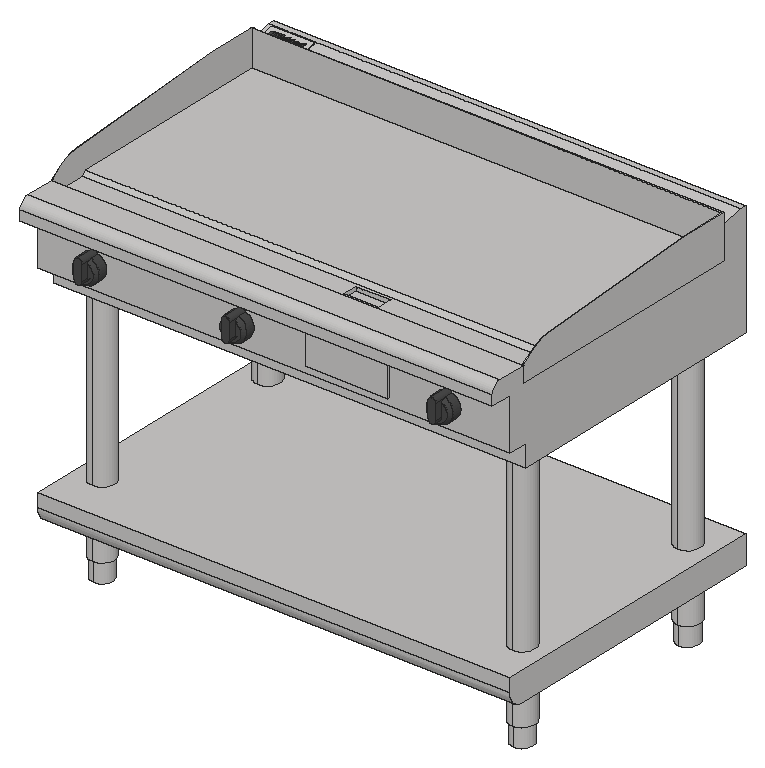
Revit family "QF_MOFFAT WALDORF_GPL8120E-LS", category Specialty Equipment, Revit 2012
Parameters
  Width [instance] = 1200.0 mm  # constant formula
  Weight in Pounds = 295.4191  # constant formula
  Watts = 16200 W
  Volts = 415 V
  URL Cutsheet = "www.moffat.com"
  URL = "www.moffat.com"
  Type Mark [instance] = ""
  Status [instance] = ""
  Specification by User [instance] = ""
  Specification by Manufacturer = ""
  Show Logo [instance] = yes
  Show Casters [instance] = no
  Serial Number = ""
  Seismic Rating = ""
  SMACNA No = ""
  Revision Code [instance] = ""
  Phase = 3
  Omniclass Number and Title = ""
  Number of Poles = 1
  NAFEM Spec ID Number = ""
  Model = "GPL8120E-LS"
  Min Ckt Ampacity = 0 A
  Max Overcurrent Protection = 0 A
  Masterspec = ""
  Manufacturer = "MOFFAT WALDORF"
  Legs [instance] = not(Show Casters)  # yes
  Item Number [instance] = ""
  Installed By [instance] = ""
  Identify Quantity as Lot [instance] = yes
  Height [instance] = 970.0 mm  # constant formula
  HP = ""
  Furnished By [instance] = ""
  Foodservice Equipment Identifier [instance] = yes
  FL Amps = 22.5 A
  Elec Conn RI Height = 0.0 mm
  Elec Conn Connection Height = 0.0 mm
  Description = "GRIDDLE PLATE LOW SPLASHBACK ELECTRIC ON LEG STAND"
  Depth [instance] = 805.0 mm  # constant formula
  Cycle = 50 Hz
  Conn Plug = ""
  Conn Conduit = yes
  CSI MasterFormat = ""
  CSI Master Format = ""
  Base Height [instance] = 150.0 mm
  Apparent Power = if(Phase = 3, Volts * FL Amps * 1.73, Volts * FL Amps)  # 16153.9 VA
Reference planes
  plane 1 "BACK": y = 0
  plane 2: z = 0
  plane 3 "LEFT": x = 0
  plane 4 "RIGHT": x = 1200
  plane 5 "FRONT": y = -805
  plane 6 "TOP": z = 970
  plane 7 "Center Y": x = 600
  plane 8 "Center X": y = -402.5
  plane 9 "Base Height": z = 150
  plane 10: x = 65
  plane 11: x = 1134
  plane 12: z = 915
Forms (mm)
  Extrusion 1, solid, material "QF_Finishes_Stainless Steel"
    sketch origin (0, 0, 0) x (0, 1, 0) y (0, 0, 1)
      loop
        line (-805, 891) -> (-805, 866) -> (-749, 866) -> (-749, 735) -> (-699, 735) -> (-699, 680) -> (0, 680) -> (0, 970) -> (-16.309, 970) -> (-62.586, 957.6)
        arc (-62.586, 957.6) -> (-68.508, 953.278) -> (-70, 946.1) r 10.198
        line (-70, 946.1) -> (-70, 875) -> (-705, 875) -> (-705, 915) -> (-781, 915)
        arc (-781, 915) -> (-797.971, 907.971) -> (-805, 891) r 24
      loop
        line (0, 222.5) -> (-749, 222.5) -> (-749, 188)
        arc (-749, 188) -> (-737.87, 161.13) -> (-711, 150) r 38
        line (-711, 150) -> (0, 150) -> (0, 222.5)
    from 0 to 1200
  Extrusion 2, void
    sketch origin (0, 0, 680) x (-1, 0, 0) y (0, 1, 0)
      loop
        circle (-1069, -32) r 10
    from 2 to -30
  Revolve 3, solid, material "QF_Finishes_Black"
    sketch origin (150, 0, 599.873) x (0, 1, 0) y (0, 0, -1)
      loop
        line (-782, -229.5) -> (-759, -229.5) -> (-759, -202) -> (-749, -202) -> (-749, -197) -> (-793, -197) -> (-793, -223.651) -> (-782, -229.5)
      axis (-793, -197) -> (-749, -197)
    angle from 0 to 360
  Extrusion 4, solid, material "QF_Finishes_Black"
    sketch origin (288.27, 0, 600.031) x (-1, 0, 0) y (0, 0, -1)
      loop
        arc (148.269, -184.969) -> (138.269, -174.969) -> (128.269, -184.969) r 10
        line (128.269, -184.969) -> (128.269, -223.969)
        arc (128.269, -223.969) -> (138.269, -233.969) -> (148.269, -223.969) r 10
        line (148.269, -223.969) -> (148.269, -184.969)
    from 759 to 808
  Extrusion 5, solid, material "QF_Finishes_Stainless Steel"
    sketch origin (42.8, -749, 866) x (0, 0, -1) y (1, 0, 0)
      loop
        line (26.5, 640) -> (113.5, 640) -> (113.5, 850) -> (26.5, 850) -> (26.5, 640)
    from 0 to 2.5
  Extrusion 6, solid, material "QF_Finishes_Stainless Steel"
    sketch origin (42.8, -751.5, 866) x (0, 0, -1) y (1, 0, 0)
      loop
        line (33.5, 850) -> (26.5, 850) -> (26.5, 640) -> (33.5, 640) -> (33.5, 850)
    from 0 to 5
  Revolve 7, solid, material "QF_Finishes_Black"
    sketch origin (1050, 0, 599.873) x (0, 1, 0) y (0, 0, 1)
      loop
        line (-782, 229.5) -> (-793, 223.651) -> (-793, 197) -> (-749, 197) -> (-749, 202) -> (-759, 202) -> (-759, 229.5) -> (-782, 229.5)
      axis (-793, 197) -> (-749, 197)
    angle from 0 to 360
  Extrusion 8, solid, material "QF_Finishes_Black"
    sketch origin (911.73, 0, 600.031) x (1, 0, 0) y (0, 0, 1)
      loop
        line (148.269, 184.969) -> (148.269, 223.969)
        arc (148.269, 223.969) -> (138.269, 233.969) -> (128.269, 223.969) r 10
        line (128.269, 223.969) -> (128.269, 184.969)
        arc (128.269, 184.969) -> (138.269, 174.969) -> (148.269, 184.969) r 10
    from 759 to 808
  Revolve 9, solid, material "QF_Finishes_Black"
    sketch origin (525, 0, 599.873) x (0, 1, 0) y (0, 0, -1)
      loop
        line (-782, -229.5) -> (-759, -229.5) -> (-759, -202) -> (-749, -202) -> (-749, -197) -> (-793, -197) -> (-793, -223.651) -> (-782, -229.5)
      axis (-793, -197) -> (-749, -197)
    angle from 0 to 360
  Extrusion 10, solid, material "QF_Finishes_Black"
    sketch origin (663.27, 0, 600.031) x (-1, 0, 0) y (0, 0, -1)
      loop
        arc (148.269, -184.969) -> (138.269, -174.969) -> (128.269, -184.969) r 10
        line (128.269, -184.969) -> (128.269, -223.969)
        arc (128.269, -223.969) -> (138.269, -233.969) -> (148.269, -223.969) r 10
        line (148.269, -223.969) -> (148.269, -184.969)
    from 759 to 808
  Revolve 11, solid, material "QF_Finishes_Stainless Steel", visible <- "Legs"
    sketch origin (1133, -210, 0) x (0, 1, 0) y (0, 0, -1)
      loop
        line (78.25, -150) -> (110, -150) -> (110, 0) -> (82.5, 0) -> (82.5, -50) -> (78.25, -50) -> (78.25, -150)
      axis (110, -150) -> (110, 0)
    angle from 0 to 360
  Revolve 12, solid, material "QF_Finishes_Stainless Steel"
    sketch origin (1133, -735, 0) x (0, 1, 0) y (0, 0, -1)
      loop
        line (78.25, -150) -> (110, -150) -> (110, 0) -> (82.5, 0) -> (82.5, -50) -> (78.25, -50) -> (78.25, -150)
      axis (110, -150) -> (110, 0)
    angle from 0 to 360
  Revolve 13, solid, material "QF_Finishes_Stainless Steel", visible <- "Legs"
    sketch origin (65, -210, 0) x (0, 1, 0) y (0, 0, -1)
      loop
        line (78.25, -150) -> (110, -150) -> (110, 0) -> (82.5, 0) -> (82.5, -50) -> (78.25, -50) -> (78.25, -150)
      axis (110, -150) -> (110, 0)
    angle from 0 to 360
  Revolve 14, solid, material "QF_Finishes_Stainless Steel"
    sketch origin (65, -735, 0) x (0, 1, 0) y (0, 0, -1)
      loop
        line (78.25, -150) -> (110, -150) -> (110, 0) -> (82.5, 0) -> (82.5, -50) -> (78.25, -50) -> (78.25, -150)
      axis (110, -150) -> (110, 0)
    angle from 0 to 360
  Extrusion 15, solid, material "QF_Finishes_Stainless Steel"
    sketch origin (0, -699, 222.5) x (0, -1, 0) y (1, 0, 0)
      loop
        circle (-599, 65) r 31.75
      loop
        circle (-74, 65) r 31.75
      loop
        circle (-599, 1133.125) r 31.75
      loop
        circle (-74, 1132.812) r 31.75
    from 0 to 457.5
Cuts and joins
  Extrusion 2 cuts Extrusion 1
Lines and regions (mm)
  Split face 1
    outline origin (1200, -16.309, 970) x (-1, 0, 0) y (0, -0.965926, -0.258819)
      loop
        line (1045.673, 4.544) -> (1045.673, 36.067) -> (1025.673, 36.067) -> (1025.673, 4.544) -> (1045.673, 4.544)
  Split face 2
    outline origin (1200, -16.309, 970) x (-1, 0, 0) y (0, -0.965926, -0.258819)
      loop
        line (995.419, 4.544) -> (995.419, 36.067) -> (975.877, 36.067) -> (975.877, 4.544) -> (995.419, 4.544)
  Split face 3
    outline origin (1200, -16.309, 970) x (-1, 0, 0) y (0, -0.965926, -0.258819)
      loop
        line (945.656, 4.544) -> (945.656, 36.067) -> (925.433, 36.067) -> (925.433, 4.544) -> (945.656, 4.544)
  Split face 4
    outline origin (1200, -16.309, 970) x (-1, 0, 0) y (0, -0.965926, -0.258819)
      loop
        line (895.437, 4.82) -> (895.437, 36.067) -> (875.509, 36.067) -> (875.509, 4.82) -> (895.437, 4.82)
  Split face 5
    outline origin (1200, -16.309, 970) x (-1, 0, 0) y (0, -0.965926, -0.258819)
      loop
        line (845.28, 4.544) -> (845.28, 36.067) -> (825.323, 36.067) -> (825.323, 4.544) -> (845.28, 4.544)
  Split face 6
    outline origin (1200, -16.309, 970) x (-1, 0, 0) y (0, -0.965926, -0.258819)
      loop
        line (795.521, 4.82) -> (795.521, 36.067) -> (775.447, 36.067) -> (775.447, 4.82) -> (795.521, 4.82)
  Split face 7
    outline origin (1200, -16.309, 970) x (-1, 0, 0) y (0, -0.965926, -0.258819)
      loop
        line (742.916, 4.544) -> (742.916, 36.067) -> (723.147, 36.067) -> (723.147, 4.544) -> (742.916, 4.544)
  Split face 8
    outline origin (1200, -16.309, 970) x (-1, 0, 0) y (0, -0.965926, -0.258819)
      loop
        line (692.959, 4.82) -> (692.959, 36.067) -> (672.822, 36.067) -> (672.822, 4.82) -> (692.959, 4.82)
  Split face 9
    outline origin (1200, -16.309, 970) x (-1, 0, 0) y (0, -0.965926, -0.258819)
      loop
        line (643.156, 4.82) -> (643.156, 36.067) -> (623.16, 36.067) -> (623.16, 4.82) -> (643.156, 4.82)
  Split face 10
    outline origin (1200, -16.309, 970) x (-1, 0, 0) y (0, -0.965926, -0.258819)
      loop
        line (592.484, 4.82) -> (592.484, 36.067) -> (572.715, 36.067) -> (572.715, 4.82) -> (592.484, 4.82)
  Split face 11
    outline origin (1200, -16.309, 970) x (-1, 0, 0) y (0, -0.965926, -0.258819)
      loop
        line (542.721, 4.544) -> (542.721, 36.067) -> (522.952, 36.067) -> (522.952, 4.544) -> (542.721, 4.544)
  Split face 12
    outline origin (1200, -16.309, 970) x (-1, 0, 0) y (0, -0.965926, -0.258819)
      loop
        line (493.231, 4.544) -> (493.231, 36.067) -> (472.848, 36.067) -> (472.848, 4.544) -> (493.231, 4.544)
  Split face 13
    outline origin (1200, -16.309, 970) x (-1, 0, 0) y (0, -0.965926, -0.258819)
      loop
        line (443.233, 4.82) -> (443.233, 36.067) -> (422.881, 36.067) -> (422.881, 4.82) -> (443.233, 4.82)
  Split face 14
    outline origin (1200, -16.309, 970) x (-1, 0, 0) y (0, -0.965926, -0.258819)
      loop
        line (392.057, 4.82) -> (392.057, 36.067) -> (372.101, 36.067) -> (372.101, 4.82) -> (392.057, 4.82)
  Split face 15
    outline origin (1200, -16.309, 970) x (-1, 0, 0) y (0, -0.965926, -0.258819)
      loop
        line (342.462, 4.82) -> (342.462, 36.067) -> (322.111, 36.067) -> (322.111, 4.82) -> (342.462, 4.82)
  symbolic lines, visible <- "Show Logo"
    curve 1: line (12.5, -54.155, 0) -> (12.5, -21.099, 0)
    curve 2: line (121.5, -21.099, 0) -> (121.5, -54.155, 0)
    curve 3: line (12.5, -21.099, 0) -> (121.5, -21.099, 0)
    curve 4: line (12.5, -54.155, 0) -> (121.5, -54.155, 0)
  symbolic lines
    curve 5: line (154.563, -50.782, 0) -> (154.563, -20.984, 0)
    curve 6: line (154.563, -20.984, 0) -> (174.562, -20.984, 0)
    curve 7: line (174.562, -20.984, 0) -> (174.562, -50.782, 0)
    curve 8: line (174.562, -50.782, 0) -> (154.563, -50.782, 0)
    curve 9: line (204.563, -20.984, 0) -> (204.563, -50.782, 0)
    curve 10: line (204.563, -50.782, 0) -> (224.562, -50.782, 0)
    curve 11: line (224.562, -50.782, 0) -> (224.562, -20.984, 0)
    curve 12: line (224.562, -20.984, 0) -> (204.563, -20.984, 0)
    curve 13: line (254.563, -20.984, 0) -> (254.563, -50.782, 0)
    curve 14: line (254.563, -50.782, 0) -> (274.562, -50.782, 0)
    curve 15: line (274.562, -50.782, 0) -> (274.562, -20.984, 0)
    curve 16: line (274.562, -20.984, 0) -> (254.563, -20.984, 0)
    curve 17: line (0, -805, 0) -> (1200, -805, 0)
    curve 18: line (0, 0, 0) -> (0, -805, 0)
    curve 19: line (1200, 0, 0) -> (0, 0, 0)
    curve 20: line (0, -70, 0) -> (1200, -70, 0)
    curve 21: line (1200, -705, 0) -> (0, -705, 0)
    curve 22: line (304.563, -20.984, 0) -> (304.563, -50.782, 0)
    curve 23: line (304.563, -50.782, 0) -> (324.562, -50.782, 0)
    curve 24: line (324.562, -50.782, 0) -> (324.562, -20.984, 0)
    curve 25: line (324.562, -20.984, 0) -> (304.563, -20.984, 0)
    curve 26: line (354.563, -20.984, 0) -> (354.563, -50.782, 0)
    curve 27: line (354.563, -50.782, 0) -> (374.562, -50.782, 0)
    curve 28: line (374.562, -50.782, 0) -> (374.562, -20.984, 0)
    curve 29: line (374.562, -20.984, 0) -> (354.563, -20.984, 0)
    curve 30: line (404.563, -20.984, 0) -> (404.563, -50.782, 0)
    curve 31: line (404.563, -50.782, 0) -> (424.562, -50.782, 0)
    curve 32: line (424.562, -50.782, 0) -> (424.562, -20.984, 0)
    curve 33: line (424.562, -20.984, 0) -> (404.563, -20.984, 0)
    curve 34: line (457.063, -20.984, 0) -> (457.063, -50.782, 0)
    curve 35: line (457.063, -50.782, 0) -> (477.063, -50.782, 0)
    curve 36: line (477.063, -50.782, 0) -> (477.063, -20.984, 0)
    curve 37: line (477.063, -20.984, 0) -> (457.063, -20.984, 0)
    curve 38: line (507.063, -20.984, 0) -> (507.063, -50.782, 0)
    curve 39: line (507.063, -50.782, 0) -> (527.063, -50.782, 0)
    curve 40: line (527.063, -50.782, 0) -> (527.063, -20.984, 0)
    curve 41: line (527.063, -20.984, 0) -> (507.063, -20.984, 0)
    curve 42: line (557.063, -50.782, 0) -> (577.063, -50.782, 0)
    curve 43: line (577.063, -50.782, 0) -> (577.063, -20.984, 0)
    curve 44: line (577.063, -20.984, 0) -> (557.063, -20.984, 0)
    curve 45: line (557.063, -20.984, 0) -> (557.063, -50.782, 0)
    curve 46: line (607.063, -50.782, 0) -> (627.063, -50.782, 0)
    curve 47: line (627.063, -50.782, 0) -> (627.063, -20.984, 0)
    curve 48: line (627.063, -20.984, 0) -> (607.063, -20.984, 0)
    curve 49: line (607.063, -20.984, 0) -> (607.063, -50.782, 0)
    curve 50: line (677.063, -50.782, 0) -> (657.063, -50.782, 0)
    curve 51: line (657.063, -50.782, 0) -> (657.063, -20.984, 0)
    curve 52: line (657.063, -20.984, 0) -> (677.063, -20.984, 0)
    curve 53: line (677.063, -20.984, 0) -> (677.063, -50.782, 0)
    curve 54: line (707.063, -50.782, 0) -> (727.063, -50.782, 0)
    curve 55: line (727.063, -50.782, 0) -> (727.063, -20.984, 0)
    curve 56: line (727.063, -20.984, 0) -> (707.063, -20.984, 0)
    curve 57: line (707.063, -20.984, 0) -> (707.063, -50.782, 0)
    curve 58: line (757.063, -50.782, 0) -> (777.063, -50.782, 0)
    curve 59: line (777.063, -50.782, 0) -> (777.063, -20.984, 0)
    curve 60: line (777.063, -20.984, 0) -> (757.063, -20.984, 0)
    curve 61: line (757.063, -20.984, 0) -> (757.063, -50.782, 0)
    curve 62: line (807.81, -50.782, 0) -> (827.81, -50.782, 0)
    curve 63: line (827.81, -50.782, 0) -> (827.81, -20.984, 0)
    curve 64: line (827.81, -20.984, 0) -> (807.81, -20.984, 0)
    curve 65: line (807.81, -20.984, 0) -> (807.81, -50.782, 0)
    curve 66: line (857.81, -50.782, 0) -> (877.81, -50.782, 0)
    curve 67: line (877.81, -50.782, 0) -> (877.81, -20.984, 0)
    curve 68: line (877.81, -20.984, 0) -> (857.81, -20.984, 0)
    curve 69: line (857.81, -20.984, 0) -> (857.81, -50.782, 0)
    curve 70: line (1200, -805, 0) -> (1200, 0, 0)
Dimensions and locks
  equal spacing: plane 3 "LEFT", plane 7 "Center Y", plane 4 "RIGHT"
  "Width": plane 3 "LEFT" to plane 4 "RIGHT"
  equal spacing: plane 5 "FRONT", plane 8 "Center X", plane 1 "BACK"
  "Depth": plane 5 "FRONT" to plane 1 "BACK"
  "Base Height": plane 9 "Base Height" to level
  plane 11 to plane 10 = 1069.0 mm
  "Height": plane 6 "TOP" to level
  level to plane 12 = 915.0 mm
  plane 12 to level = 915.0 mm
  cut or joined group of Extrusion 1, Extrusion 2 to level = 710.0 mm
  aligned and locked: level to plane 2
Automatic sketch dimensions
  curve 17 to plane 3 "LEFT" = 0.0 mm
  plane 1 "BACK" to curve 19 = 0.0 mm
  curve 19 to plane 4 "RIGHT" = 0.0 mm
  plane 5 "FRONT" to curve 17 = 0.0 mm
  plane 3 "LEFT" to curve 1 = 12.5 mm
  plane 10 to curve 4 = 56.5 mm
  curve 2 to curve 6 = 33.062 mm
  curve 5 to curve 8 = 20.0 mm
  curve 6 to curve 12 = 30.0 mm
  curve 9 to curve 10 = 20.0 mm
  curve 11 to curve 16 = 30.0 mm
  curve 13 to curve 15 = 20.0 mm
  curve 15 to curve 22 = 30.0 mm
  curve 22 to curve 24 = 20.0 mm
  curve 23 to curve 26 = 30.0 mm
  curve 26 to curve 27 = 20.0 mm
  curve 27 to curve 30 = 30.0 mm
  curve 30 to curve 32 = 20.0 mm
  curve 31 to curve 34 = 32.5 mm
  curve 34 to curve 35 = 20.0 mm
  curve 36 to curve 38 = 30.0 mm
  curve 38 to curve 41 = 20.0 mm
  curve 39 to curve 42 = 30.0 mm
  curve 44 to curve 43 = 20.0 mm
  plane 7 "Center Y" to curve 48 = 7.063 mm
  curve 46 to curve 46 = 20.0 mm
  curve 47 to curve 52 = 30.0 mm
  curve 51 to curve 53 = 20.0 mm
  curve 50 to curve 54 = 30.0 mm
  curve 56 to curve 56 = 20.0 mm
  curve 55 to curve 61 = 30.0 mm
  curve 58 to curve 58 = 20.0 mm
  curve 58 to curve 62 = 30.748 mm
  curve 62 to curve 62 = 20.0 mm
  curve 63 to curve 68 = 30.0 mm
  curve 66 to curve 66 = 20.0 mm
  curve 21 to plane 5 "FRONT" = 100.0 mm
  curve 20 to curve 19 = 70.0 mm
  plane 1 "BACK" to curve 2 = 54.155 mm
  plane 1 "BACK" to curve 7 = 50.782 mm
  plane 1 "BACK" to curve 59 = 50.782 mm
  curve 7 to curve 9 = 0.0 mm
  curve 57 to curve 58 = 0.0 mm
  curve 10 to curve 13 = 0.0 mm
  curve 53 to curve 54 = 0.0 mm
  curve 58 to curve 62 = 0.0 mm
  curve 62 to curve 66 = 0.0 mm
  curve 49 to curve 50 = 0.0 mm
  curve 14 to curve 22 = 0.0 mm
  curve 45 to curve 46 = 0.0 mm
  curve 23 to curve 26 = 0.0 mm
  curve 40 to curve 42 = 0.0 mm
  curve 27 to curve 30 = 0.0 mm
  curve 36 to curve 38 = 0.0 mm
  plane 1 "BACK" to curve 2 = 21.099 mm
  plane 1 "BACK" to curve 33 = 20.984 mm
  plane 1 "BACK" to curve 40 = 20.984 mm
  plane 1 "BACK" to curve 29 = 20.984 mm
  plane 1 "BACK" to curve 43 = 20.984 mm
  plane 1 "BACK" to curve 25 = 20.984 mm
  plane 1 "BACK" to curve 47 = 20.984 mm
  plane 1 "BACK" to curve 69 = 20.984 mm
  plane 1 "BACK" to curve 52 = 20.984 mm
  plane 1 "BACK" to curve 16 = 20.984 mm
  plane 1 "BACK" to curve 55 = 20.984 mm
  plane 1 "BACK" to curve 12 = 20.984 mm
  plane 1 "BACK" to curve 59 = 20.984 mm
  plane 1 "BACK" to curve 7 = 20.984 mm
  plane 1 "BACK" to curve 63 = 20.984 mm
  plane 1 "BACK" to curve 37 = 20.984 mm
  Revolve 3 sketch curve to plane 5 "FRONT" = 12.0 mm
  Revolve 3 sketch curve to Revolve 3 sketch curve = 0.0 mm  (x2)
  Revolve 3 sketch curve to Revolve 3 sketch curve = 11.0 mm
  Revolve 3 sketch curve to Revolve 3 sketch curve = 12.7 mm
  Revolve 3 sketch curve to Revolve 3 sketch curve = 23.0 mm
  Revolve 3 sketch curve to Revolve 3 sketch curve = 10.0 mm
  Revolve 3 sketch curve to Revolve 3 sketch curve = 5.849 mm
  Revolve 3 sketch curve to Revolve 3 sketch curve = 27.5 mm
  Revolve 3 sketch curve to Revolve 3 sketch curve = 5.0 mm
  plane 10 to Extrusion 4 sketch curve = 95.001 mm
  Extrusion 4 sketch curve to Extrusion 4 sketch curve = 10.0 mm
  Extrusion 4 sketch curve to Extrusion 4 sketch curve = 39.0 mm
  Extrusion 1 to Extrusion 5 sketch curve = 26.5 mm
  Extrusion 5 sketch curve to Extrusion 1 = 17.5 mm
  Extrusion 1 to Extrusion 5 sketch curve = 517.2 mm
  Extrusion 5 sketch curve to Extrusion 5 sketch curve = 210.0 mm
  Extrusion 6 sketch curve to Extrusion 5 = 0.0 mm  (x2)
  Extrusion 5 to Extrusion 6 sketch curve = 0.0 mm
  Extrusion 6 sketch curve to Extrusion 6 sketch curve = 7.0 mm
  Revolve 7 sketch curve to plane 5 "FRONT" = 12.0 mm
  Revolve 7 sketch curve to Revolve 7 sketch curve = 0.0 mm  (x2)
  Revolve 7 sketch curve to Revolve 7 sketch curve = 11.0 mm
  Revolve 7 sketch curve to Revolve 7 sketch curve = 12.7 mm
  Revolve 7 sketch curve to Revolve 7 sketch curve = 23.0 mm
  Revolve 7 sketch curve to Revolve 7 sketch curve = 10.0 mm
  Revolve 7 sketch curve to Revolve 7 sketch curve = 5.0 mm
  Revolve 7 sketch curve to Revolve 7 sketch curve = 26.651 mm
  Revolve 7 sketch curve to Revolve 7 sketch curve = 5.849 mm
  plane 11 to Extrusion 8 sketch curve = 94.001 mm
  Extrusion 8 sketch curve to Extrusion 8 sketch curve = 10.0 mm
  Extrusion 8 sketch curve to Extrusion 8 sketch curve = 39.0 mm
  Revolve 9 sketch curve to plane 5 "FRONT" = 12.0 mm
  Revolve 9 sketch curve to Revolve 9 sketch curve = 0.0 mm  (x2)
  Revolve 9 sketch curve to Revolve 9 sketch curve = 11.0 mm
  Revolve 9 sketch curve to Revolve 9 sketch curve = 12.7 mm
  Revolve 9 sketch curve to Revolve 9 sketch curve = 23.0 mm
  Revolve 9 sketch curve to Revolve 9 sketch curve = 10.0 mm
  Revolve 9 sketch curve to Revolve 9 sketch curve = 5.849 mm
  Revolve 9 sketch curve to Revolve 9 sketch curve = 27.5 mm
  Revolve 9 sketch curve to Revolve 9 sketch curve = 5.0 mm
  Extrusion 10 sketch curve to plane 7 "Center Y" = 64.999 mm
  Extrusion 10 sketch curve to Extrusion 10 sketch curve = 10.0 mm
  Extrusion 10 sketch curve to Extrusion 10 sketch curve = 39.0 mm
  Revolve 11 sketch curve to plane 9 "Base Height" = 0.0 mm
  Revolve 11 sketch curve to level = 0.0 mm
  level to Revolve 11 sketch curve = 50.0 mm
  plane 1 "BACK" to Revolve 11 sketch curve = 131.75 mm
  Revolve 11 sketch curve to Revolve 11 sketch curve = 4.25 mm
  Revolve 11 sketch curve to Revolve 11 sketch curve = 27.5 mm  (x2)
  Revolve 11 sketch curve to Revolve 11 sketch curve = 0.0 mm
  Revolve 11 sketch curve to Revolve 11 sketch curve = 55.0 mm
  Revolve 12 sketch curve to plane 9 "Base Height" = 0.0 mm
  Revolve 12 sketch curve to level = 0.0 mm
  level to Revolve 12 sketch curve = 50.0 mm
  Revolve 12 sketch curve to plane 5 "FRONT" = 148.25 mm
  Revolve 12 sketch curve to Revolve 12 sketch curve = 4.25 mm
  Revolve 12 sketch curve to Revolve 12 sketch curve = 27.5 mm  (x2)
  Revolve 12 sketch curve to Revolve 12 sketch curve = 0.0 mm
  Revolve 12 sketch curve to Revolve 12 sketch curve = 55.0 mm
  Revolve 13 sketch curve to plane 9 "Base Height" = 0.0 mm
  Revolve 13 sketch curve to level = 0.0 mm
  level to Revolve 13 sketch curve = 50.0 mm
  plane 1 "BACK" to Revolve 13 sketch curve = 131.75 mm
  Revolve 13 sketch curve to Revolve 13 sketch curve = 4.25 mm
  Revolve 13 sketch curve to Revolve 13 sketch curve = 27.5 mm  (x2)
  Revolve 13 sketch curve to Revolve 13 sketch curve = 0.0 mm
  Revolve 13 sketch curve to Revolve 13 sketch curve = 55.0 mm
  Revolve 14 sketch curve to plane 9 "Base Height" = 0.0 mm
  Revolve 14 sketch curve to level = 0.0 mm
  level to Revolve 14 sketch curve = 50.0 mm
  Revolve 14 sketch curve to plane 5 "FRONT" = 148.25 mm
  Revolve 14 sketch curve to Revolve 14 sketch curve = 4.25 mm
  Revolve 14 sketch curve to Revolve 14 sketch curve = 27.5 mm  (x2)
  Revolve 14 sketch curve to Revolve 14 sketch curve = 0.0 mm
  Revolve 14 sketch curve to Revolve 14 sketch curve = 55.0 mm
  Extrusion 1 to Extrusion 15 sketch curve = 100.0 mm  (x2)
  Extrusion 1 to Extrusion 15 sketch curve = 124.0 mm  (x2)
  Extrusion 1 to Extrusion 15 sketch curve = 65.0 mm  (x2)
  Extrusion 1 to Extrusion 15 sketch curve = 67.188 mm
  Extrusion 1 to Extrusion 15 sketch curve = 66.875 mm
  Revolve 3 sketch curve to plane 6 "TOP" = 140.627 mm
  Extrusion 4 sketch curve to plane 6 "TOP" = 146.0 mm
  Revolve 9 sketch curve to plane 6 "TOP" = 140.627 mm
  Extrusion 10 sketch curve to plane 6 "TOP" = 146.0 mm
  Extrusion 2 sketch curve to Extrusion 1 = 32.0 mm
  Extrusion 2 sketch curve to Extrusion 1 = 131.0 mm
  plane 12 to Revolve 7 sketch curve = 118.127 mm
  plane 12 to Extrusion 8 sketch curve = 130.0 mm
  Extrusion 1 sketch curve to plane 5 "FRONT" = 0.0 mm
  plane 12 to Extrusion 1 sketch curve = 0.0 mm
  Extrusion 1 sketch curve to plane 9 "Base Height" = 0.0 mm
  Extrusion 1 sketch curve to plane 6 "TOP" = 0.0 mm
  Extrusion 1 sketch curve to plane 1 "BACK" = 0.0 mm  (x2)
  Extrusion 1 sketch curve to plane 5 "FRONT" = 24.0 mm
  Extrusion 1 sketch curve to plane 5 "FRONT" = 56.0 mm  (x2)
  Extrusion 1 sketch curve to Extrusion 1 sketch curve = 38.0 mm
  Extrusion 1 sketch curve to Extrusion 1 sketch curve = 44.0 mm
  Extrusion 1 sketch curve to Extrusion 1 sketch curve = 50.0 mm
  Extrusion 1 sketch curve to plane 6 "TOP" = 23.9 mm
  plane 1 "BACK" to Extrusion 1 sketch curve = 70.0 mm
  Extrusion 1 sketch curve to Extrusion 1 sketch curve = 10.063 mm
  plane 1 "BACK" to Extrusion 1 sketch curve = 16.309 mm
  plane 9 "Base Height" to Extrusion 1 sketch curve = 72.5 mm
  plane 12 to Extrusion 1 sketch curve = 235.0 mm
  Extrusion 1 sketch curve to Extrusion 1 sketch curve = 55.0 mm
  Extrusion 1 sketch curve to Extrusion 1 sketch curve = 25.0 mm
  plane 12 to Extrusion 1 sketch curve = 40.0 mm
  Extrusion 1 sketch curve to Extrusion 1 sketch curve = 2.65 mm
  Extrusion 1 sketch curve to Extrusion 1 sketch curve = 1.652 mm
  cut or joined group of Extrusion 1, Extrusion 2 to Split face 1 sketch curve = 4.544 mm
  Split face 1 sketch curve to cut or joined group of Extrusion 1, Extrusion 2 = 174.327 mm
  Split face 1 sketch curve to Split face 1 sketch curve = 20.0 mm
  cut or joined group of Extrusion 1, Extrusion 2 to Split face 1 sketch curve = 11.843 mm
  cut or joined group of Extrusion 1, Extrusion 2 to Split face 2 sketch curve = 4.544 mm
  Split face 2 sketch curve to cut or joined group of Extrusion 1, Extrusion 2 = 224.123 mm
  Split face 2 sketch curve to Split face 2 sketch curve = 19.542 mm
  cut or joined group of Extrusion 1, Extrusion 2 to Split face 2 sketch curve = 11.843 mm
  cut or joined group of Extrusion 1, Extrusion 2 to Split face 3 sketch curve = 4.544 mm
  Split face 3 sketch curve to cut or joined group of Extrusion 1, Extrusion 2 = 274.567 mm
  Split face 3 sketch curve to Split face 3 sketch curve = 20.223 mm
  cut or joined group of Extrusion 1, Extrusion 2 to Split face 3 sketch curve = 11.843 mm
  cut or joined group of Extrusion 1, Extrusion 2 to Split face 4 sketch curve = 4.82 mm
  Split face 4 sketch curve to cut or joined group of Extrusion 1, Extrusion 2 = 324.491 mm
  Split face 4 sketch curve to Split face 4 sketch curve = 19.928 mm
  cut or joined group of Extrusion 1, Extrusion 2 to Split face 4 sketch curve = 11.843 mm
  cut or joined group of Extrusion 1, Extrusion 2 to Split face 5 sketch curve = 4.544 mm
  Split face 5 sketch curve to cut or joined group of Extrusion 1, Extrusion 2 = 374.677 mm
  Split face 5 sketch curve to Split face 5 sketch curve = 19.957 mm
  cut or joined group of Extrusion 1, Extrusion 2 to Split face 5 sketch curve = 11.843 mm
  cut or joined group of Extrusion 1, Extrusion 2 to Split face 6 sketch curve = 4.82 mm
  Split face 6 sketch curve to cut or joined group of Extrusion 1, Extrusion 2 = 424.553 mm
  Split face 6 sketch curve to Split face 6 sketch curve = 20.075 mm
  cut or joined group of Extrusion 1, Extrusion 2 to Split face 6 sketch curve = 11.843 mm
  cut or joined group of Extrusion 1, Extrusion 2 to Split face 7 sketch curve = 4.544 mm
  Split face 7 sketch curve to cut or joined group of Extrusion 1, Extrusion 2 = 476.853 mm
  Split face 7 sketch curve to Split face 7 sketch curve = 19.769 mm
  cut or joined group of Extrusion 1, Extrusion 2 to Split face 7 sketch curve = 11.843 mm
  cut or joined group of Extrusion 1, Extrusion 2 to Split face 8 sketch curve = 4.82 mm
  Split face 8 sketch curve to cut or joined group of Extrusion 1, Extrusion 2 = 527.178 mm
  Split face 8 sketch curve to Split face 8 sketch curve = 20.137 mm
  cut or joined group of Extrusion 1, Extrusion 2 to Split face 8 sketch curve = 11.843 mm
  cut or joined group of Extrusion 1, Extrusion 2 to Split face 9 sketch curve = 4.82 mm
  Split face 9 sketch curve to cut or joined group of Extrusion 1, Extrusion 2 = 576.84 mm
  Split face 9 sketch curve to Split face 9 sketch curve = 19.996 mm
  cut or joined group of Extrusion 1, Extrusion 2 to Split face 9 sketch curve = 11.843 mm
  cut or joined group of Extrusion 1, Extrusion 2 to Split face 10 sketch curve = 4.82 mm
  Split face 10 sketch curve to cut or joined group of Extrusion 1, Extrusion 2 = 572.715 mm
  Split face 10 sketch curve to Split face 10 sketch curve = 19.769 mm
  cut or joined group of Extrusion 1, Extrusion 2 to Split face 10 sketch curve = 11.843 mm
  cut or joined group of Extrusion 1, Extrusion 2 to Split face 11 sketch curve = 4.544 mm
  Split face 11 sketch curve to cut or joined group of Extrusion 1, Extrusion 2 = 522.952 mm
  Split face 11 sketch curve to Split face 11 sketch curve = 19.769 mm
  cut or joined group of Extrusion 1, Extrusion 2 to Split face 11 sketch curve = 11.843 mm
  cut or joined group of Extrusion 1, Extrusion 2 to Split face 12 sketch curve = 4.544 mm
  Split face 12 sketch curve to cut or joined group of Extrusion 1, Extrusion 2 = 472.848 mm
  Split face 12 sketch curve to Split face 12 sketch curve = 20.382 mm
  cut or joined group of Extrusion 1, Extrusion 2 to Split face 12 sketch curve = 11.843 mm
  cut or joined group of Extrusion 1, Extrusion 2 to Split face 13 sketch curve = 4.82 mm
  Split face 13 sketch curve to cut or joined group of Extrusion 1, Extrusion 2 = 422.881 mm
  Split face 13 sketch curve to Split face 13 sketch curve = 20.352 mm
  cut or joined group of Extrusion 1, Extrusion 2 to Split face 13 sketch curve = 11.843 mm
  cut or joined group of Extrusion 1, Extrusion 2 to Split face 14 sketch curve = 4.82 mm
  Split face 14 sketch curve to cut or joined group of Extrusion 1, Extrusion 2 = 372.101 mm
  Split face 14 sketch curve to Split face 14 sketch curve = 19.957 mm
  cut or joined group of Extrusion 1, Extrusion 2 to Split face 14 sketch curve = 11.843 mm
  cut or joined group of Extrusion 1, Extrusion 2 to Split face 15 sketch curve = 4.82 mm
  Split face 15 sketch curve to cut or joined group of Extrusion 1, Extrusion 2 = 322.111 mm
  Split face 15 sketch curve to Split face 15 sketch curve = 20.352 mm
  cut or joined group of Extrusion 1, Extrusion 2 to Split face 15 sketch curve = 11.843 mm
  radius of Extrusion 15 sketch curve = 31.75 mm  (x4)
  radius of Extrusion 2 sketch curve = 10.0 mm
Nested families
  nested 1: "GAS GRIDDLE PLATE" at (0, -70, 874.5), type "GAS GRIDDLE PLATE"
    with Type Mark "", Status "", Specification by User "", Show Clearance yes, Revision Code "", Item Number "", Installed By "", Identify Quantity as Lot yes, Furnished By "", Foodservice Equipment Identifier yes
  nested 2: "GPL8120E-LS-CASTERS" at (65, -127.5, 0), Show Casters <- "Show Casters", visible <- "Show Casters", type "GPL8120E-LS-CASTERS"
    with Type Mark "", Status "", Specification by User "", Show Casters no, Revision Code "", Item Number "", Installed By "", Identify Quantity as Lot yes, Furnished By "", Foodservice Equipment Identifier yes
  nested 3: "GPL8120E-LS-CASTERS" at (1134, -127.5, 0), Show Casters <- "Show Casters", visible <- "Show Casters", type "GPL8120E-LS-CASTERS"
    with Type Mark "", Status "", Specification by User "", Show Casters no, Revision Code "", Item Number "", Installed By "", Identify Quantity as Lot yes, Furnished By "", Foodservice Equipment Identifier yes
  nested 4: "WALDORF LOGO_FACE BASE" at (12.5, -21.659, 968.566) x (1, 0, 0) z (0, -0.2588, 0.9659), visible <- "Show Logo", type "WALDORF LOGO_FACE BASE", detail levels medium+fine
    with Show Logo yes
Connectors
  electrical at (1069, -32, 710), driven by "Volts", driven by "Watts"
    settings: on cut or joined group of Extrusion 1, Extrusion 2, index 1, voltage 415 V, apparent load 16200 VA, apparent load phase1 0 VA, apparent load phase2 0 VA, apparent load phase3 0 VA, power factor 1, load classification "Other", number of poles 1, system type 30, power factor state 1, is connector primary yes, connector utility no, sub classification motor no, connector description "ELECTRICAL CONNECTION"
Definition of nested family "GAS GRIDDLE PLATE"
  Parameters (values of type "GAS GRIDDLE PLATE")
    Weight in Pounds = 0
    URL Cutsheet = ""
    Type Mark [instance] = ""
    Status [instance] = ""
    Specification by User [instance] = ""
    Specification by Manufacturer = ""
    Show Clearance [instance] = yes
    Serial Number = ""
    Seismic Rating = ""
    SMACNA No = ""
    Revision Code [instance] = ""
    Omniclass Number and Title = ""
    NAFEM Spec ID Number = ""
    Masterspec = ""
    Item Number [instance] = ""
    Installed By [instance] = ""
    Identify Quantity as Lot [instance] = yes
    Furnished By [instance] = ""
    Foodservice Equipment Identifier [instance] = yes
    CSI MasterFormat = ""
    CSI Master Format = ""
  Reference planes
    plane 1 "BACK": y = 0
    plane 2: z = 0
    plane 3 "LEFT": x = 0
    plane 4 "RIGHT": x = 1200
    plane 5 "FRONT": y = -634.4
    plane 6 "TOP": z = 142.5
    plane 7 "Center Y": x = 600
    plane 8 "Center X": y = -317.2
  Forms (mm)
    Extrusion 1, solid, material "QF_Finishes_Stainless Steel"
      sketch origin (0, 70.003, -874.5) x (0, 1, 0) y (0, 0, 1)
        loop
          line (-70, 875) -> (-70, 984.5) -> (-191.003, 984.5) -> (-626.368, 954.056)
          arc (-626.368, 954.056) -> (-652.773, 948.564) -> (-676.75, 936.215) r 100
          line (-676.75, 936.215) -> (-704.403, 916.852) -> (-704.403, 875) -> (-70, 875)
      from 0 to 1.8
    Extrusion 2, solid, material "QF_Finishes_Stainless Steel"
      sketch origin (150, 70.003, -874.5) x (0, 1, 0) y (0, 0, 1)
        loop
          line (-70, 895) -> (-601, 895) -> (-611.5, 884.5) -> (-704.403, 884.5) -> (-704.403, 875) -> (-70, 875) -> (-70, 895)
      from -148.2 to 1048.2
    Extrusion 3, void
      sketch origin (81.15, -541.497, 10) x (0, -1, 0) y (1, 0, 0)
        loop
          line (10, 713.7) -> (10, 625.2) -> (48.5, 625.2) -> (48.5, 713.7) -> (10, 713.7)
      from -41.4 to 40.142
    Extrusion 4, solid, material "QF_Finishes_Stainless Steel"
      sketch origin (150, 0.003, 211.574) x (0, 0, -1) y (1, 0, 0)
        loop
          line (101.574, -148.2) -> (191.074, -148.2) -> (191.074, 1048.2) -> (101.574, 1048.2) -> (101.574, -148.2)
      from 0 to 1.683
    Extrusion 5, solid, material "QF_Finishes_Stainless Steel"
      sketch origin (1200, 70.003, -874.5) x (0, 1, 0) y (0, 0, -1)
        loop
          line (-70, -875) -> (-704.403, -875) -> (-704.403, -916.852) -> (-676.75, -936.215)
          arc (-676.75, -936.215) -> (-652.773, -948.564) -> (-626.368, -954.056) r 100
          line (-626.368, -954.056) -> (-191.003, -984.5) -> (-70, -984.5) -> (-70, -875)
      from 0 to 1.8
  Cuts and joins
    Extrusion 3 cuts Extrusion 2
  Lines and regions (mm)
    symbolic lines
      curve 1: line (1198.8, -530.997, 0) -> (1.8, -530.997, 0)
      curve 2: line (1.8, -541.497, 0) -> (1198.8, -541.497, 0)
      curve 3: line (706.35, -551.497, 0) -> (706.35, -589.997, 0)
      curve 4: line (706.35, -589.997, 0) -> (794.85, -589.997, 0)
      curve 5: line (794.85, -589.997, 0) -> (794.85, -551.497, 0)
      curve 6: line (794.85, -551.497, 0) -> (706.35, -551.497, 0)
      curve 7: line (1.8, -1.68, 0) -> (1198.8, -1.68, 0)
      curve 8: line (1198.8, -1.68, 0) -> (1198.8, -634.4, 0)
      curve 9: line (1.8, -634.4, 0) -> (1.8, -1.68, 0)
      curve 10: line (1.8, -634.4, 0) -> (1198.8, -634.4, 0)
  Dimensions and locks
    equal spacing: plane 3 "LEFT", plane 7 "Center Y", plane 4 "RIGHT"
    plane 3 "LEFT" to plane 4 "RIGHT" = 1200.0 mm
    equal spacing: plane 5 "FRONT", plane 8 "Center X", plane 1 "BACK"
    plane 5 "FRONT" to plane 1 "BACK" = 634.4 mm
    aligned and locked: level to plane 2
  Automatic sketch dimensions
    plane 5 "FRONT" to curve 10 = 0.0 mm
    plane 3 "LEFT" to curve 10 = 1.8 mm
    curve 4 to plane 5 "FRONT" = 44.403 mm
    plane 7 "Center Y" to curve 4 = 106.35 mm
    curve 3 to curve 5 = 88.5 mm
    plane 4 "RIGHT" to curve 8 = 1.2 mm
    curve 3 to curve 3 = 38.5 mm
    curve 2 to plane 5 "FRONT" = 92.903 mm
    curve 2 to curve 1 = 10.5 mm
    plane 1 "BACK" to curve 9 = 1.68 mm
    Extrusion 1 sketch curve to plane 5 "FRONT" = 0.0 mm
    Extrusion 1 sketch curve to plane 5 "FRONT" = 27.653 mm
    Extrusion 1 sketch curve to Extrusion 1 sketch curve = 50.382 mm
    Extrusion 1 sketch curve to level = 20.2 mm
    Extrusion 1 sketch curve to plane 5 "FRONT" = 85.011 mm
    Extrusion 1 sketch curve to plane 6 "TOP" = 32.5 mm
    plane 1 "BACK" to Extrusion 1 sketch curve = 121.0 mm
    Extrusion 1 sketch curve to plane 1 "BACK" = 0.003 mm
    level to Extrusion 1 sketch curve = 0.5 mm
    Extrusion 1 sketch curve to Extrusion 1 sketch curve = 41.852 mm
    Extrusion 1 sketch curve to Extrusion 1 sketch curve = 19.363 mm
    Extrusion 2 sketch curve to plane 5 "FRONT" = 0.0 mm
    level to Extrusion 2 sketch curve = 10.0 mm
    Extrusion 2 sketch curve to Extrusion 2 sketch curve = 92.903 mm
    Extrusion 2 sketch curve to Extrusion 2 sketch curve = 10.5 mm  (x2)
    Extrusion 2 sketch curve to plane 1 "BACK" = 0.003 mm
    level to Extrusion 2 sketch curve = 0.5 mm
    Extrusion 2 to Extrusion 3 sketch curve = 10.0 mm
    Extrusion 3 sketch curve to Extrusion 3 sketch curve = 38.5 mm
    Extrusion 2 to Extrusion 3 sketch curve = 704.55 mm
    Extrusion 3 sketch curve to Extrusion 3 sketch curve = 88.5 mm
    Extrusion 4 sketch curve to plane 6 "TOP" = 32.5 mm
    level to Extrusion 4 sketch curve = 20.5 mm
    plane 3 "LEFT" to Extrusion 4 sketch curve = 1.8 mm
    plane 4 "RIGHT" to Extrusion 4 sketch curve = 1.8 mm
    Extrusion 5 sketch curve to plane 5 "FRONT" = 0.0 mm
    Extrusion 5 sketch curve to plane 5 "FRONT" = 27.653 mm
    Extrusion 5 sketch curve to Extrusion 5 sketch curve = 50.382 mm
    Extrusion 5 sketch curve to level = 20.2 mm
    Extrusion 5 sketch curve to plane 5 "FRONT" = 85.011 mm
    Extrusion 5 sketch curve to plane 6 "TOP" = 32.5 mm
    plane 1 "BACK" to Extrusion 5 sketch curve = 121.0 mm
    Extrusion 5 sketch curve to plane 1 "BACK" = 0.003 mm
    Extrusion 5 sketch curve to plane 6 "TOP" = 62.944 mm
    Extrusion 5 sketch curve to Extrusion 5 sketch curve = 19.363 mm
    level to Extrusion 5 sketch curve = 0.5 mm
Definition of nested family "WALDORF LOGO_FACE BASE"
  Parameters (values of type "WALDORF LOGO_FACE BASE")
    Show Logo [instance] = yes
    Default Elevation = 1219.2 mm
  Reference planes
    plane 1 "Center (Front/Back)": y = 0
    plane 2: z = 0
    plane 3 "Center (Left/Right)": x = 0
  Forms (mm)
    Extrusion 1, solid
      sketch origin (0, 0, 0) x (1, 0, 0) y (0, 1, 0)
        loop
          line (-1219.2, 1219.2) -> (-1219.2, -1219.2) -> (1219.2, -1219.2) -> (1219.2, 1219.2) -> (-1219.2, 1219.2)
      from 0 to -304.8
    Extrusion 2, solid, material "QF_Finishes_Stainless Steel", visible <- "Show Logo"
      sketch origin (0, -33.217, 0) x (1, 0, 0) y (0, 1, 0)
        loop
          arc (5, 34.14) -> (1.464, 32.676) -> (0, 29.14) r 5
          line (0, 29.14) -> (0, 5)
          arc (0, 5) -> (1.464, 1.464) -> (5, 0) r 5
          line (5, 0) -> (104, 0)
          arc (104, 0) -> (107.536, 1.464) -> (109, 5) r 5
          line (109, 5) -> (109, 29.14)
          arc (109, 29.14) -> (107.536, 32.676) -> (104, 34.14) r 5
          line (104, 34.14) -> (5, 34.14)
      from 0 to 1.588
    Extrusion 3, solid, material "QF_Finishes_Black", visible <- "Show Logo"
      sketch origin (0, -33.217, 1.588) x (1, 0, 0) y (0, 1, 0)
        loop
          line (24.772, 23.214) -> (27.992, 10.301) -> (31.551, 10.301) -> (33.443, 17.364) -> (35.205, 10.301) -> (39.332, 10.301) -> (42.077, 23.214) -> (38.352, 23.214) -> (36.676, 15.33) -> (35, 23.214) -> (31.752, 23.214) -> (30.076, 15.33) -> (28.4, 23.214) -> (24.772, 23.214)
        loop
          line (42.272, 17.055) -> (45.703, 17.055)
          spline (45.703, 17.055) -> (45.741, 17.285) -> (45.852, 17.499) -> (46.028, 17.682) -> (46.258, 17.823) -> (46.526, 17.912) -> (46.813, 17.942) -> (47.1, 17.912) -> (47.368, 17.823) -> (47.597, 17.682) -> (47.774, 17.499) -> (47.884, 17.285) -> (47.922, 17.055)
          line (47.922, 17.055) -> (47.922, 16.222)
          arc (47.922, 16.222) -> (45.742, 16.014) -> (43.665, 15.317) r 9.604
          arc (43.665, 15.317) -> (41.924, 12.809) -> (43.665, 10.301) r 2.677
          arc (43.665, 10.301) -> (45.527, 10.353) -> (47.332, 10.816) r 8.365
          line (47.332, 10.816) -> (48.092, 11.105) -> (48.092, 10.301) -> (51.817, 10.301) -> (51.817, 17.055)
          spline (51.817, 17.055) -> (51.654, 17.821) -> (51.178, 18.535) -> (50.419, 19.148) -> (49.431, 19.619) -> (48.28, 19.914) -> (47.044, 20.015) -> (45.809, 19.914) -> (44.658, 19.619) -> (43.67, 19.148) -> (42.911, 18.535) -> (42.434, 17.821) -> (42.272, 17.055)
        loop
          line (53.151, 23.214) -> (53.151, 10.301) -> (57.37, 10.301) -> (57.37, 23.214) -> (53.151, 23.214)
        loop
          line (64.874, 23.214) -> (64.874, 18.857)
          arc (64.874, 18.857) -> (58.083, 15.11) -> (64.874, 11.363) r 4.429
          line (64.874, 11.363) -> (64.874, 10.301) -> (68.378, 10.301) -> (68.378, 23.214) -> (64.874, 23.214)
        loop
          arc (64.874, 16.083) -> (61.41, 14.987) -> (64.874, 13.891) r 1.905
          line (64.874, 13.891) -> (64.874, 16.083)
        loop
          circle (74.623, 15.223) r 5
        loop
          spline (74.623, 17.856) -> (74.355, 17.766) -> (74.105, 17.503) -> (73.891, 17.084) -> (73.726, 16.539) -> (73.623, 15.904) -> (73.588, 15.223) -> (73.623, 14.541) -> (73.726, 13.906) -> (73.891, 13.361) -> (74.105, 12.942) -> (74.355, 12.679) -> (74.623, 12.59)
          spline (74.623, 12.59) -> (74.891, 12.679) -> (75.141, 12.942) -> (75.355, 13.361) -> (75.52, 13.906) -> (75.623, 14.541) -> (75.659, 15.223) -> (75.623, 15.904) -> (75.52, 16.539) -> (75.355, 17.084) -> (75.141, 17.503) -> (74.891, 17.766) -> (74.623, 17.856)
        loop
          line (81.255, 19.813) -> (81.255, 10.301) -> (84.834, 10.301) -> (84.834, 14.176)
          arc (84.834, 14.176) -> (85.854, 16.093) -> (88.013, 16.32) r 2.313
          line (88.013, 16.32) -> (88.013, 19.813) -> (87.161, 19.813)
          arc (87.161, 19.813) -> (85.526, 19.266) -> (84.549, 17.844) r 2.717
          line (84.549, 17.844) -> (84.549, 19.813) -> (81.255, 19.813)
        loop
          line (90.249, 19.813) -> (88.91, 19.813) -> (88.91, 17.614) -> (90.249, 17.614) -> (90.249, 10.301) -> (93.998, 10.301) -> (93.998, 17.614) -> (95.418, 17.614) -> (95.418, 19.813) -> (93.998, 19.813)
          arc (93.998, 19.813) -> (94.414, 20.817) -> (95.418, 21.233) r 1.42
          line (95.418, 21.233) -> (95.418, 23.602) -> (93.317, 23.602)
          arc (93.317, 23.602) -> (91.343, 22.903) -> (90.249, 21.118) r 3.137
          line (90.249, 21.118) -> (90.249, 19.813)
        loop
          arc (15.241, 23.571) -> (8.392, 16.525) -> (15.241, 9.479) r 7.049
          line (15.241, 9.479) -> (15.241, 23.571)
        loop
          line (15.641, 23.571) -> (15.641, 9.479)
          arc (15.641, 9.479) -> (22.49, 16.525) -> (15.641, 23.571) r 7.049
        loop
          arc (47.922, 14.711) -> (46.266, 13.749) -> (47.922, 12.787) r 1.107
          line (47.922, 12.787) -> (47.922, 14.711)
      from 0 to 0.2
  Dimensions and locks
    aligned and locked: plane 2 to Extrusion 1
    aligned and locked: level to Extrusion 1
Definition of nested family "GPL8120E-LS-CASTERS"
  Parameters (values of type "BT8600-LS-CASTERS")
    Weight = ""
    URL Manufacturer = ""
    URL Cutsheet = ""
    URL = ""
    Type Mark [instance] = ""
    Status [instance] = ""
    Specification by User [instance] = ""
    Specification by Manufacturer = ""
    Show Casters [instance] = no
    Serial Number = ""
    Seismic Rating = ""
    SMACNA No = ""
    Revision Code [instance] = ""
    Omniclass Number and Title = ""
    NAFEM Spec ID Number = ""
    Model = ""
    MasterSpec. = ""
    Manufacturer = ""
    Item Number [instance] = ""
    Installed By [instance] = ""
    Identify Quantity as Lot [instance] = yes
    Furnished By [instance] = ""
    Foodservice Equipment Identifier [instance] = yes
    Description = ""
    CSI MasterFormat = ""
    CSI Master Format = ""
    Assembly Code = ""
  Reference planes
    plane 1: z = 0
    plane 2 "RIGHT": x = 0
    plane 3 "FRONT": y = 0
    plane 4 "Base Height": z = 150
  Forms (mm)
    Revolve 1, solid, material "QF_Finishes_Stainless Steel", visible <- "Show Casters"
      sketch origin (0, 56.335, 0) x (0, 1, 0) y (0, 0, 1)
        loop
          line (-56.335, 152.4) -> (-56.335, 141.118) -> (-23.798, 141.118) -> (-23.798, 152.4) -> (-56.335, 152.4)
        axis (-56.335, 141.118) -> (-56.335, 152.4)
      angle from 0 to 360
    Extrusion 2, solid, material "QF_Finishes_Stainless Steel", visible <- "Show Casters"
      sketch origin (-46.049, 56.335, 0) x (0, 1, 0) y (0, 0, 1)
        loop
          line (-85.799, 141.118) -> (-85.799, 133.498) -> (-82.136, 133.498)
          arc (-82.136, 133.498) -> (-79.344, 132.328) -> (-77.146, 130.248) r 8.432
          line (-77.146, 130.248) -> (-39.502, 49.52)
          arc (-39.502, 49.52) -> (-13.784, 46.107) -> (-5.673, 70.75) r 20.32
          arc (-5.673, 70.75) -> (-7.065, 73.611) -> (-8.887, 76.22) r 20.32
          arc (-8.887, 76.22) -> (-9.399, 85.377) -> (-6.626, 94.119) r 25.4
          line (-6.626, 94.119) -> (8.003, 121.632)
          arc (8.003, 121.632) -> (-2.347, 126.31) -> (-13.34, 129.167) r 66.802
          line (-13.34, 129.167) -> (-13.765, 133.498) -> (-26.871, 133.498) -> (-26.871, 141.118) -> (-85.799, 141.118)
      from 20.058 to 22.923
    Extrusion 3, solid, material "QF_Finishes_Stainless Steel", visible <- "Show Casters"
      sketch origin (3.326, 56.335, 0) x (0, 1, 0) y (0, 0, 1)
        loop
          line (-85.799, 141.118) -> (-85.799, 133.498) -> (-82.136, 133.498)
          arc (-82.136, 133.498) -> (-79.344, 132.328) -> (-77.146, 130.248) r 8.432
          line (-77.146, 130.248) -> (-39.502, 49.52)
          arc (-39.502, 49.52) -> (-13.784, 46.107) -> (-5.673, 70.75) r 20.32
          arc (-5.673, 70.75) -> (-7.065, 73.611) -> (-8.887, 76.22) r 20.32
          arc (-8.887, 76.22) -> (-9.399, 85.377) -> (-6.626, 94.119) r 25.4
          line (-6.626, 94.119) -> (8.003, 121.632)
          arc (8.003, 121.632) -> (-2.347, 126.31) -> (-13.34, 129.167) r 66.802
          line (-13.34, 129.167) -> (-13.765, 133.498) -> (-26.871, 133.498) -> (-26.871, 141.118) -> (-85.799, 141.118)
      from 20.058 to 22.923
    Extrusion 4, solid, material "QF_Finishes_Stainless Steel", visible <- "Show Casters"
      sketch origin (-49.224, 56.335, 0) x (0, 1, 0) y (0, 0, 1)
        loop
          line (-85.799, 141.118) -> (-85.799, 133.498) -> (-82.136, 133.498) -> (-18.877, 127.964) -> (7.14, 120.01) -> (8.003, 121.632)
          arc (8.003, 121.632) -> (-2.347, 126.31) -> (-13.34, 129.167) r 66.802
          line (-13.34, 129.167) -> (-13.765, 133.498) -> (-26.871, 133.498) -> (-26.871, 141.118) -> (-85.799, 141.118)
      from 26.098 to 72.56
    Revolve 5, solid, material "QF_Finishes_Stainless Steel", visible <- "Show Casters"
      sketch origin (-49.224, 30.821, 0) x (1, 0, 0) y (0, 0, 1)
        loop
          line (14.841, 63.604) -> (83.584, 63.604) -> (83.584, 67.109) -> (82.314, 68.379) -> (80.79, 68.379) -> (80.79, 71.826) -> (68.644, 71.826) -> (68.644, 81.79) -> (65.088, 83.843) -> (61.683, 104.879) -> (65.881, 104.879) -> (65.881, 111.229) -> (65.088, 111.229) -> (65.088, 117.579)
          arc (65.088, 117.579) -> (62.298, 124.314) -> (55.563, 127.104) r 9.525
          line (55.563, 127.104) -> (42.863, 127.104)
          arc (42.863, 127.104) -> (36.127, 124.314) -> (33.338, 117.579) r 9.525
          line (33.338, 117.579) -> (33.338, 111.229) -> (32.544, 111.229) -> (32.544, 104.879) -> (36.742, 104.879) -> (33.352, 83.932) -> (29.782, 81.871) -> (29.782, 71.826) -> (17.635, 71.826) -> (17.635, 68.379) -> (16.111, 68.379) -> (14.841, 67.109) -> (14.841, 63.604)
        axis (14.841, 63.604) -> (83.584, 63.604)
      angle from 0 to 360
  Cuts and joins
    joined: Extrusion 2, Extrusion 3, Extrusion 4
  Lines and regions (mm)
    symbolic lines, style "SpecialityEquipmentHiddenLines", visible <- "Show Casters"
      curve 1: line (18.009, 67.053, 0) -> (45.595, 51.127, 0)
      curve 2: line (-45.491, -42.932, 0) -> (18.009, 67.053, 0)
      curve 3: line (-17.905, -58.859, 0) -> (-45.491, -42.932, 0)
      curve 4: line (45.595, 51.127, 0) -> (-17.905, -58.859, 0)
  Dimensions and locks
    plane 4 "Base Height" to level = 150.0 mm  (x2)
    Revolve 5 sketch curve to Revolve 5 sketch curve = 63.5 mm
    aligned and locked: level to plane 1
